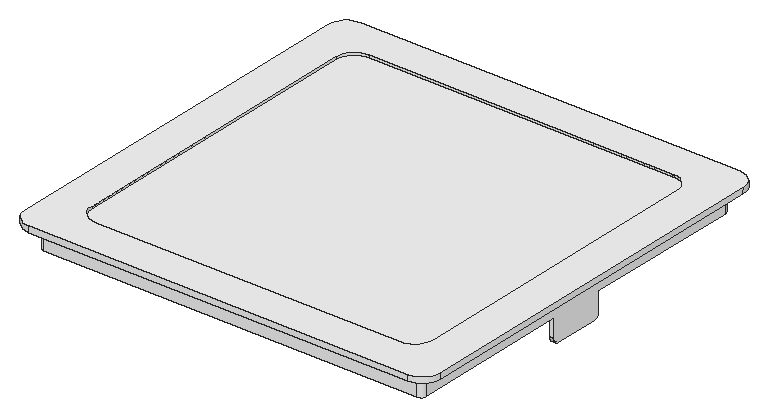
Revit family "0053897 Sylvania Lighting Fixture START eco Downlight Flat Sq 1400lm 840 DIM", category Lighting Fixtures, host Face, Revit 2016
Family settings
  Host = Face
  Part Type = Normal
  Round Connector Dimension = Use Diameter
  OmniClass Number = 23.80.70.11.14.11
  OmniClass Title = Downlights
  Cut with Voids When Loaded = No
  Light Source = Yes
  Shared = No
  Room Calculation Point = No
Parameters (values of type "0053897 START eco Downlight Flat Sq 1400lm 840 DIM ")
  Weight = "7.97 kg"
  Wattage Comments = "n/a"
  Wattage = 18 W
  WarrantyStartDate [instance] = "n/a"
  WarrantyGuarantorParts = "n/a"
  WarrantyDurationUnit = "year"
  WarrantyDurationParts = "n/a"
  WarrantyDescription = "n/a"
  built-in parameter 1150110 = 1 (stored number, unit not read)
  Voltage = 230 V
  URL = "http://www.feilosylvania.com"
  TypeName = "START eco Downlight Flat Sq 1400lm 840 DIM"
  Type Image = <None>
  Type Comments = "n/a"
  built-in parameter 1114217 = 1 (stored number, unit not read)
  Tilt Angle = -90.00°
  built-in parameter 1150109 = 1 (stored number, unit not read)
  built-in parameter 1150134 = 12
  built-in parameter 1150113 = 1 (stored number, unit not read)
  SerialNumber [instance] = "n/a"
  ReflectorMaterial = none
  RecessedHeight_FEILO = 25 mm
  RecessedDiameter_FEILO = 209 mm
  PowerFactor = 0
  PowerConsumption = "18 W"
  Photometric Web File = "0053315.ies"
  NominalLength = 226 mm
  NominalHeight = 25 mm
  NominalDepth = 226 mm
  Name = "START eco Downlight Flat Sq 1400lm 840 DIM"
  ModelReference = Name  # "START eco Downlight Flat Sq 1400lm 840 DIM"
  ModelNumber = "0053897"
  Model = Name  # "START eco Downlight Flat Sq 1400lm 840 DIM"
  Material = "Aluminium"
  ManufacturerName = "Feilo Sylvania"
  Manufacturer = "Feilo Sylvania"
  LuminousEfficacy = "85 lm/W"
  built-in parameter 1150105 = 537.5 (stored number, unit not read)
  Lumens = 1530 lm
  LuminaireType = "LED recessed downlight"
  built-in parameter 1150115 = 1 (stored number, unit not read)
  LightOutputRatio = "1"
  built-in parameter 1150137 = (empty or 0)
  built-in parameter 1150139 = (empty or 0)
  LampsType = Lamp  # "LED"
  LampNominalLuminous = "1530 lm"
  LampMacAdamStep = "n/a"
  LampColourTemperature = "4000 K"
  LampColourRenderingIndex = "80"
  built-in parameter 1150112 = 1 (stored number, unit not read)
  built-in parameter 1150114 = 1 (stored number, unit not read)
  Lamp = "LED"
  Keynote = "16500"
  InstallationDate [instance] = "n/a"
  InputVoltage = "220-240V~"
  InputNominalFrequency = "50/60 Hz"
  built-in parameter 1150132 = (empty or 0)
  built-in parameter 1150102 = (empty or 0)
  built-in parameter 1150107 = 4000 (stored number, unit not read)
  built-in parameter 1150138 = (empty or 0)
  IngressProtection = "IP44"
  ImpactProtectionIndex = "IK06"
  built-in parameter 1150106 = 5.375 (stored number, unit not read)
  IfcExportType = "IfcLightFixtureType"
  IfcExportAs = "IfcLightFixtureType"
  ExpectedLife = 50000
  Emit from Rectangle Width = BodyLength_FEILO - 48 mm  # 178 mm
  Emit from Rectangle Length = BodyLength_FEILO - 48 mm  # 178 mm
  Emit Shape Visible in Rendering = no
  ElectricShockClassification = "Class II"
  built-in parameter 1150104 = 7.8968 (stored number, unit not read)
  DurationUnit = "hours"
  DocumentationLiterature = "http://www.feilosylvania.com/product/en-int/products/0053315"
  DimmingControlOptions = "Dimmable"
  Dimming Lamp Color Temperature Shift = <None>
  DiffuserMaterial = Diffuser-Sylvania-Glow
  Description = "Integrated LED recessed downlight providing 1530 fixture lumens at a wattage of 18W giving a high efficacy of 85lm/W. Fitting includes Leading/Trailing edge phase dimmable driver and has a square ceiling cut out of 206x206mm with an IP20 and IK02 rating providing uniform distribution with an Opal diffuser and 110° beam angle. Provided including a Loop in Loop out box and built Built white aluminium housing."
  Default Elevation = 1219.2 mm
  CutoutHeight_FEILO = 32 mm
  CreatedOn = "'03-11-2017"
  CreatedBy = "aron.fodor@feilosylvania.com"
  Cost = 0
  Color Filter = 16777215
  built-in parameter 1114216 [instance] = (empty or 0)
  ClassificationValue = "EF_70_80"
  ClassificationName = "Uniclass2015"
  BodyWidth_FEILO = BodyLength_FEILO  # 226 mm
  BodyRadiusUpper = 3 mm
  BodyRadius = 10 mm
  BodyMaterial = Body-Sylvania-SylFlatDimmable-White
  BodyLength_FEILO = 226 mm
  BodyHeight_FEILO = 12 mm
  BarCode [instance] = "n/a"
  built-in parameter 1114218 = 1 (stored number, unit not read)
  built-in parameter 1150133 = 10 (stored number, unit not read)
  AssetType = "Fixed"
  AssetIdentifier [instance] = "n/a"
  Assembly Code = "D5020200"
  Apparent Load = 0 VA
  AccessoryMaterial = Diffuser-Sylvania-Glow
Reference planes
  plane 1 "Center (Front/Back)": y = 0
  plane 2: z = 0
  plane 3 "Center (Left/Right)": x = 0
  plane 4: x = 113
  plane 5: x = -113
  plane 6: y = 113
  plane 7: y = -113
  plane 8: z = 3
  plane 9: z = -25
  plane 10: x = 104.5
  plane 11: x = -104.5
  plane 12: y = 104.5
  plane 13: y = -104.5
  plane 14: z = 2
  plane 15: x = -93
  plane 16: z = -12
  plane 17: x = -102
  plane 18: x = 102
  plane 19: z = -32
  plane 20: x = 93
  plane 21: y = 93
  plane 22: y = -93
  plane 23: y = 15
  plane 24: y = -15
Forms (mm)
  Extrusion 1, solid, material "Body-Sylvania-SylFlatDimmable-White" <- "BodyMaterial"
    sketch origin (0, 0, 0) x (1, 0, 0) y (0, 1, 0)
      loop
        arc (-103, 113) -> (-110.071, 110.071) -> (-113, 103) r 10
        line (-113, 103) -> (-113, -103)
        arc (-113, -103) -> (-110.071, -110.071) -> (-103, -113) r 10
        line (-103, -113) -> (103, -113)
        arc (103, -113) -> (110.071, -110.071) -> (113, -103) r 10
        line (113, -103) -> (113, 103)
        arc (113, 103) -> (110.071, 110.071) -> (103, 113) r 10
        line (103, 113) -> (-103, 113)
      loop
        arc (-83, 93) -> (-90.071, 90.071) -> (-93, 83) r 10
        line (-93, 83) -> (-93, -83)
        arc (-93, -83) -> (-90.071, -90.071) -> (-83, -93) r 10
        line (-83, -93) -> (83, -93)
        arc (83, -93) -> (90.071, -90.071) -> (93, -83) r 10
        line (93, -83) -> (93, 83)
        arc (93, 83) -> (90.071, 90.071) -> (83, 93) r 10
        line (83, 93) -> (-83, 93)
    from 0 to 3
  Extrusion 2, solid, material "Diffuser-Sylvania-Glow" <- "DiffuserMaterial"
    sketch origin (0, 0, 0) x (1, 0, 0) y (0, 1, 0)
      loop
        line (-93, 83) -> (-93, -83)
        arc (-93, -83) -> (-90.071, -90.071) -> (-83, -93) r 10
        line (-83, -93) -> (83, -93)
        arc (83, -93) -> (90.071, -90.071) -> (93, -83) r 10
        line (93, -83) -> (93, 83)
        arc (93, 83) -> (90.071, 90.071) -> (83, 93) r 10
        line (83, 93) -> (-83, 93)
        arc (-83, 93) -> (-90.071, 90.071) -> (-93, 83) r 10
    from 0 to 2
  Extrusion 3, solid, material "Body-Sylvania-SylFlatDimmable-White" <- "BodyMaterial"
    sketch origin (0, 0, 0) x (1, 0, 0) y (0, 1, 0)
      loop
        arc (-101.5, 104.5) -> (-103.621, 103.621) -> (-104.5, 101.5) r 3
        line (-104.5, 101.5) -> (-104.5, -101.5)
        arc (-104.5, -101.5) -> (-103.621, -103.621) -> (-101.5, -104.5) r 3
        line (-101.5, -104.5) -> (101.5, -104.5)
        arc (101.5, -104.5) -> (103.621, -103.621) -> (104.5, -101.5) r 3
        line (104.5, -101.5) -> (104.5, 101.5)
        arc (104.5, 101.5) -> (103.621, 103.621) -> (101.5, 104.5) r 3
        line (101.5, 104.5) -> (-101.5, 104.5)
    from 0 to -12
  Extrusion 4, solid, material "Body-Sylvania-SylFlatDimmable-White" <- "BodyMaterial"
    sketch origin (-104.5, 1524, 1219.2) x (0, 1, 0) y (0, 0, 1)
      loop
        line (-1539, -1231.2) -> (-1539, -1241.2)
        arc (-1539, -1241.2) -> (-1538.121, -1243.321) -> (-1536, -1244.2) r 3
        line (-1536, -1244.2) -> (-1512, -1244.2)
        arc (-1512, -1244.2) -> (-1509.879, -1243.321) -> (-1509, -1241.2) r 3
        line (-1509, -1241.2) -> (-1509, -1231.2) -> (-1539, -1231.2)
    from 0 to 2.5
  Extrusion 5, solid, material "Body-Sylvania-SylFlatDimmable-White" <- "BodyMaterial"
    sketch origin (104.5, 1524, 1219.2) x (0, 1, 0) y (0, 0, 1)
      loop
        line (-1509, -1231.2) -> (-1539, -1231.2) -> (-1539, -1241.2)
        arc (-1539, -1241.2) -> (-1538.121, -1243.321) -> (-1536, -1244.2) r 3
        line (-1536, -1244.2) -> (-1512, -1244.2)
        arc (-1512, -1244.2) -> (-1509.879, -1243.321) -> (-1509, -1241.2) r 3
        line (-1509, -1241.2) -> (-1509, -1231.2)
    from 0 to -2.5
  Extrusion 6, void
    sketch origin (0, 0, 0) x (1, 0, 0) y (0, 1, 0)
      loop
        line (-104.5, 104.5) -> (-104.5, -104.5) -> (102, -104.5) -> (102, 104.5) -> (-104.5, 104.5)
    from 0 to -32
Cuts and joins
  joined: Extrusion 1, Extrusion 3, Extrusion 4, Extrusion 5
Dimensions and locks
  equal spacing: plane 5, plane 3 "Center (Left/Right)", plane 4
  equal spacing: plane 7, plane 1 "Center (Front/Back)", plane 6
  "BodyWidth_FEILO": plane 7 to plane 6
  "BodyLength_FEILO": plane 5 to plane 4
  "RecessedHeight_FEILO": plane 2 to plane 9
  locked: plane 8 to plane 2 at 3
  equal spacing: plane 11, plane 3 "Center (Left/Right)", plane 10
  "RecessedDiameter_FEILO": plane 11 to plane 10
  equal spacing: plane 13, plane 1 "Center (Front/Back)", plane 12
  "RecessedDiameter_FEILO": plane 13 to plane 12
  locked: plane 14 to plane 2 at 2
  locked: plane 15 to plane 5 at 20
  "BodyHeight_FEILO": plane 2 to plane 16
  equal spacing: plane 18, plane 3 "Center (Left/Right)", plane 17
  locked: plane 17 to plane 11 at 2.5
  "CutoutHeight_FEILO": plane 2 to plane 19
  equal spacing: plane 20, plane 3 "Center (Left/Right)", plane 15
  equal spacing: plane 22, plane 1 "Center (Front/Back)", plane 21
  locked: plane 21 to plane 6 at 20
  equal spacing: plane 24, plane 1 "Center (Front/Back)", plane 23
  locked: plane 1 "Center (Front/Back)" to plane 23 at 15
  "BodyRadius": radius of Extrusion 1 sketch curve  (x8)
  "BodyRadiusUpper": radius of Extrusion 3 sketch curve  (x4)
  "BodyRadiusUpper": radius of Extrusion 4 sketch curve  (x2)
  "BodyRadiusUpper": radius of Extrusion 5 sketch curve  (x2)
  aligned and locked: plane 2 to host face
  aligned and locked: level to host face
  aligned and locked: imposter light to plane 14
  aligned and locked: plane 3 "Center (Left/Right)" to imposter light
  aligned and locked: imposter light to plane 1 "Center (Front/Back)"
  aligned and locked: plane 6 to Extrusion 1 sketch curve
  aligned and locked: plane 5 to Extrusion 1 sketch curve
  aligned and locked: Extrusion 1 sketch curve to plane 7
  aligned and locked: Extrusion 1 sketch curve to plane 4
  aligned and locked: plane 21 to Extrusion 1 sketch curve
  aligned and locked: plane 15 to Extrusion 1 sketch curve
  aligned and locked: Extrusion 1 sketch curve to plane 22
  aligned and locked: Extrusion 1 sketch curve to plane 20
  aligned and locked: Extrusion 1 to plane 8
  aligned and locked: Extrusion 2 sketch curve to Extrusion 1  (x4)
  aligned and locked: Extrusion 2 to plane 14
  aligned and locked: Extrusion 2 to level
  aligned and locked: plane 12 to Extrusion 3 sketch curve
  aligned and locked: Extrusion 3 sketch curve to plane 13
  aligned and locked: Extrusion 3 sketch curve to plane 10
  aligned and locked: plane 16 to Extrusion 3
  aligned and locked: level to Extrusion 3
  aligned and locked: plane 11 to Extrusion 3 sketch curve
  aligned and locked: plane 16 to Extrusion 4 sketch curve
  aligned and locked: Extrusion 4 sketch curve to plane 24
  aligned and locked: Extrusion 4 sketch curve to plane 9
  aligned and locked: plane 23 to Extrusion 4 sketch curve
  aligned and locked: plane 17 to Extrusion 4
  aligned and locked: Extrusion 4 to plane 11
  aligned and locked: Extrusion 5 sketch curve to cut or joined group of Extrusion 1, Extrusion 3, Extrusion 4, Extrusion 5
  aligned and locked: plane 9 to Extrusion 5 sketch curve
  aligned and locked: plane 24 to Extrusion 5 sketch curve
  aligned and locked: Extrusion 5 sketch curve to plane 23
  aligned and locked: Extrusion 5 to plane 18
  aligned and locked: plane 10 to Extrusion 5
  aligned and locked: plane 12 to Extrusion 6 sketch curve
  aligned and locked: Extrusion 6 sketch curve to plane 18
  aligned and locked: plane 11 to Extrusion 6 sketch curve
  aligned and locked: Extrusion 6 sketch curve to plane 13
  aligned and locked: level to Extrusion 6
  aligned and locked: plane 19 to Extrusion 6
Automatic sketch dimensions
  host sketch curve to host sketch curve = 2438.4 mm  (x2)
  Extrusion 1 sketch curve to Extrusion 1 sketch curve = 0 mm
Connectors
  electrical at (0, 0, 0), driven by "Apparent Load", driven by "PowerFactor", driven by "Voltage"
    settings: index 1, voltage 230 V, apparent load 0 VA, apparent load phase1 0 VA, apparent load phase2 0 VA, apparent load phase3 0 VA, power factor 0, load classification "Lighting", number of poles 1, system type 30, power factor state 1, is connector primary yes, connector utility no, sub classification motor no, connector description ""
